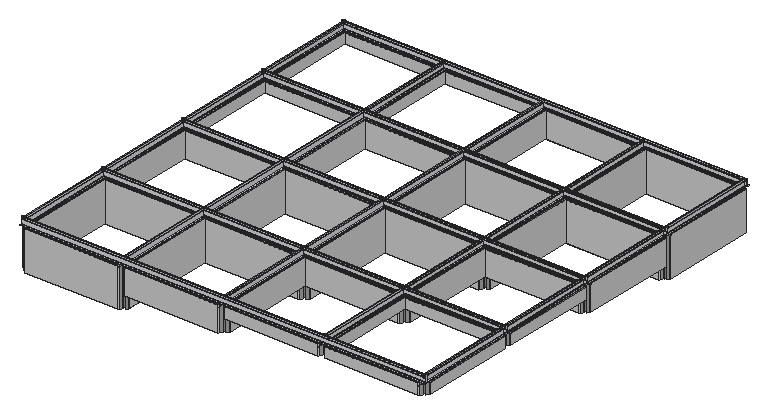
Revit family "GRD-SEC-001_SECTION GRID 001_RFA", category Modelos genéricos, Revit 2022 (continued)
Forms (in)
  Extrusion 50, solid, not visible
    sketch origin (0.02767, 82.90856, 0) x (1, 0, 0) y (0, 0, 1)
      loop
        arc (0.52252, 1.68677) -> (0.55303, 1.69941) -> (0.56566, 1.72991) r 0.04314
        line (0.56566, 1.72991) -> (0.56566, 2.14095)
        arc (0.56566, 2.14095) -> (0.5626, 2.15637) -> (0.55386, 2.16944) r 0.04029
        line (0.55386, 2.16944) -> (0.47053, 2.25277)
        arc (0.47053, 2.25277) -> (0.44027, 2.2653) -> (0.41002, 2.25277) r 0.04279
        line (0.41002, 2.25277) -> (0.32669, 2.16944)
        arc (0.32669, 2.16944) -> (0.31795, 2.15637) -> (0.31489, 2.14095) r 0.04029
        line (0.31489, 2.14095) -> (0.31489, 1.72991)
        arc (0.31489, 1.72991) -> (0.32752, 1.69941) -> (0.35803, 1.68677) r 0.04314
        line (0.35803, 1.68677) -> (0.39803, 1.68677)
        arc (0.39803, 1.68677) -> (0.41512, 1.67969) -> (0.42221, 1.66259) r 0.02418
      loop
        arc (0.33294, 1.7291) -> (0.34005, 1.71194) -> (0.35722, 1.70483) r 0.02428
        line (0.35722, 1.70483) -> (0.39815, 1.70483)
        arc (0.39815, 1.70483) -> (0.42797, 1.69248) -> (0.44023, 1.66266) r 0.04217
        arc (0.44023, 1.66266) -> (0.45258, 1.69248) -> (0.4824, 1.70483) r 0.04217
        line (0.4824, 1.70483) -> (0.52333, 1.70483)
        arc (0.52333, 1.70483) -> (0.54049, 1.71194) -> (0.54761, 1.7291) r 0.02428
        line (0.54761, 1.7291) -> (0.54761, 2.15016) -> (0.45704, 2.24072)
        arc (0.45704, 2.24072) -> (0.44027, 2.24767) -> (0.42351, 2.24072) r 0.02371
        line (0.42351, 2.24072) -> (0.33294, 2.15016) -> (0.33294, 1.7291)
    from 58.93614 to 81.99864
  Extrusion 51, solid
    sketch origin (0, 0, 0) x (1, 0, 0) y (0, 1, 0)
      loop
        line (0.70789, 0.47222) -> (1.18033, -0.00022) -> (23.76344, -0.00022) -> (24.23589, 0.47222) -> (0.70789, 0.47222)
      loop
        line (0.70789, 0.94433) -> (24.23589, 0.94433) -> (23.76344, 1.41677) -> (1.18033, 1.41677) -> (0.70789, 0.94433)
    from -8.98999 to 0.38001
  Extrusion 52, solid
    sketch origin (0.47244, -0.47244, 0) x (1, 0, 0) y (0, 1, 0)
      loop
        line (0.70789, 0.47222) -> (0.82789, 0.35222) -> (23.171, 0.35222) -> (23.291, 0.47222) -> (0.70789, 0.47222)
      loop
        line (0.70789, 1.88921) -> (23.291, 1.88921) -> (23.171, 2.00921) -> (0.82789, 2.00921) -> (0.70789, 1.88921)
    from -8.98999 to 0.38001
  Extrusion 53, solid
    sketch origin (0, 0, 0) x (1, 0, 0) y (0, 0, 1)
      loop
        line (0.70789, 0.38001) -> (1.68323, -0.61999) -> (3.48685, -0.61999) -> (3.48685, -4.61999) -> (4.48685, -4.61999) -> (4.48685, -0.61999) -> (20.50219, -0.61999) -> (20.50219, -4.61999) -> (21.46857, -4.61999) -> (21.46857, -0.61999) -> (23.27219, -0.61999) -> (24.23589, 0.38001) -> (0.70789, 0.38001)
    from -0.94466 to -0.47222
  Extrusion 54, solid, not visible
    sketch origin (0, 0, 0) x (1, 0, 0) y (0, 1, 0)
      loop
        line (0.70789, 0.47222) -> (1.18033, -0.00022) -> (23.76344, -0.00022) -> (24.23589, 0.47222) -> (0.70789, 0.47222)
      loop
        line (0.70789, 0.94433) -> (24.23589, 0.94433) -> (23.76344, 1.41677) -> (1.18033, 1.41677) -> (0.70789, 0.94433)
    from -8.98999 to 0.38001
  Extrusion 55, solid, not visible
    sketch origin (0.47244, -0.47244, 0) x (1, 0, 0) y (0, 1, 0)
      loop
        line (0.70789, 0.47222) -> (0.82789, 0.35222) -> (23.171, 0.35222) -> (23.291, 0.47222) -> (0.70789, 0.47222)
      loop
        line (0.70789, 1.88921) -> (23.291, 1.88921) -> (23.171, 2.00921) -> (0.82789, 2.00921) -> (0.70789, 1.88921)
    from -8.98999 to 0.38001
  Extrusion 56, solid, not visible
    sketch origin (0, 0, 0) x (1, 0, 0) y (0, 0, 1)
      loop
        line (0.70789, 0.38001) -> (1.68323, -0.61999) -> (3.48685, -0.61999) -> (3.48685, -4.61999) -> (4.48685, -4.61999) -> (4.48685, -0.61999) -> (20.50219, -0.61999) -> (20.50219, -4.61999) -> (21.46857, -4.61999) -> (21.46857, -0.61999) -> (23.27219, -0.61999) -> (24.23589, 0.38001) -> (0.70789, 0.38001)
    from -0.94466 to -0.47222
  Extrusion 57, solid
    sketch origin (0, 24.00011, 0) x (1, 0, 0) y (0, 1, 0)
      loop
        line (0.70789, 0.47222) -> (1.18033, -0.00022) -> (23.76344, -0.00022) -> (24.23589, 0.47222) -> (0.70789, 0.47222)
      loop
        line (0.70789, 0.94433) -> (24.23589, 0.94433) -> (23.76344, 1.41677) -> (1.18033, 1.41677) -> (0.70789, 0.94433)
    from -8.98999 to 0.38001
  Extrusion 58, solid
    sketch origin (0.47244, 23.52767, 0) x (1, 0, 0) y (0, 1, 0)
      loop
        line (0.70789, 0.47222) -> (0.82789, 0.35222) -> (23.171, 0.35222) -> (23.291, 0.47222) -> (0.70789, 0.47222)
      loop
        line (0.70789, 1.88921) -> (23.291, 1.88921) -> (23.171, 2.00921) -> (0.82789, 2.00921) -> (0.70789, 1.88921)
    from -8.98999 to 0.38001
  Extrusion 59, solid
    sketch origin (0, 24.00011, 0) x (1, 0, 0) y (0, 0, 1)
      loop
        line (0.70789, 0.38001) -> (1.68323, -0.61999) -> (3.48685, -0.61999) -> (3.48685, -4.61999) -> (4.48685, -4.61999) -> (4.48685, -0.61999) -> (20.50219, -0.61999) -> (20.50219, -4.61999) -> (21.46857, -4.61999) -> (21.46857, -0.61999) -> (23.27219, -0.61999) -> (24.23589, 0.38001) -> (0.70789, 0.38001)
    from -0.94466 to -0.47222
  Extrusion 60, solid
    sketch origin (-0.23644, 25.18022, 0) x (0, -1, 0) y (1, 0, 0)
      loop
        line (0.70789, 0.47222) -> (1.18033, -0.00022) -> (23.76344, -0.00022) -> (24.23589, 0.47222) -> (0.70789, 0.47222)
      loop
        line (0.70789, 0.94433) -> (24.23589, 0.94433) -> (23.76344, 1.41677) -> (1.18033, 1.41677) -> (0.70789, 0.94433)
    from -8.98999 to 0.38001
  Extrusion 61, solid
    sketch origin (-0.70889, 24.70778, 0) x (0, -1, 0) y (1, 0, 0)
      loop
        line (0.70789, 0.47222) -> (0.82789, 0.35222) -> (23.171, 0.35222) -> (23.291, 0.47222) -> (0.70789, 0.47222)
      loop
        line (0.70789, 1.88921) -> (23.291, 1.88921) -> (23.171, 2.00921) -> (0.82789, 2.00921) -> (0.70789, 1.88921)
    from -8.98999 to 0.38001
  Extrusion 62, solid
    sketch origin (-0.23644, 25.18022, 0) x (0, -1, 0) y (0, 0, 1)
      loop
        line (0.70789, 0.38001) -> (1.68323, -0.61999) -> (3.48685, -0.61999) -> (3.48685, -4.61999) -> (4.48685, -4.61999) -> (4.48685, -0.61999) -> (20.50219, -0.61999) -> (20.50219, -4.61999) -> (21.46857, -4.61999) -> (21.46857, -0.61999) -> (23.27219, -0.61999) -> (24.23589, 0.38001) -> (0.70789, 0.38001)
    from -0.94466 to -0.47222
  Extrusion 63, solid
    sketch origin (23.764, 25.18022, 0) x (0, -1, 0) y (1, 0, 0)
      loop
        line (0.70789, 0.47222) -> (1.18033, -0.00022) -> (23.76344, -0.00022) -> (24.23589, 0.47222) -> (0.70789, 0.47222)
      loop
        line (0.70789, 0.94433) -> (24.23589, 0.94433) -> (23.76344, 1.41677) -> (1.18033, 1.41677) -> (0.70789, 0.94433)
    from -8.98999 to 0.38001
  Extrusion 64, solid
    sketch origin (23.29156, 24.70778, 0) x (0, -1, 0) y (1, 0, 0)
      loop
        line (0.70789, 0.47222) -> (0.82789, 0.35222) -> (23.171, 0.35222) -> (23.291, 0.47222) -> (0.70789, 0.47222)
      loop
        line (0.70789, 1.88921) -> (23.291, 1.88921) -> (23.171, 2.00921) -> (0.82789, 2.00921) -> (0.70789, 1.88921)
    from -8.98999 to 0.38001
  Extrusion 65, solid
    sketch origin (23.764, 25.18022, 0) x (0, -1, 0) y (0, 0, 1)
      loop
        line (0.70789, 0.38001) -> (1.68323, -0.61999) -> (3.48685, -0.61999) -> (3.48685, -4.61999) -> (4.48685, -4.61999) -> (4.48685, -0.61999) -> (20.50219, -0.61999) -> (20.50219, -4.61999) -> (21.46857, -4.61999) -> (21.46857, -0.61999) -> (23.27219, -0.61999) -> (24.23589, 0.38001) -> (0.70789, 0.38001)
    from -0.94466 to -0.47222
  Extrusion 66, solid
    sketch origin (48.94421, 1.41655, 0) x (-1, 0, 0) y (0, -1, 0)
      loop
        line (0.70789, 0.47222) -> (1.18033, -0.00022) -> (23.76344, -0.00022) -> (24.23589, 0.47222) -> (0.70789, 0.47222)
      loop
        line (0.70789, 0.94433) -> (24.23589, 0.94433) -> (23.76344, 1.41677) -> (1.18033, 1.41677) -> (0.70789, 0.94433)
    from -5.61999 to 0.38001
  Extrusion 67, solid
    sketch origin (48.47177, 1.88899, 0) x (-1, 0, 0) y (0, -1, 0)
      loop
        line (0.70789, 0.47222) -> (0.82789, 0.35222) -> (23.171, 0.35222) -> (23.291, 0.47222) -> (0.70789, 0.47222)
      loop
        line (0.70789, 1.88921) -> (23.291, 1.88921) -> (23.171, 2.00921) -> (0.82789, 2.00921) -> (0.70789, 1.88921)
    from -5.61999 to 0.38001
  Extrusion 68, solid
    sketch origin (48.94421, 1.41655, 0) x (-1, 0, 0) y (0, 0, 1)
      loop
        line (0.70789, 0.38001) -> (1.68323, -0.61999) -> (3.48685, -0.61999) -> (3.48685, -4.61999) -> (4.48685, -4.61999) -> (4.48685, -0.61999) -> (20.50219, -0.61999) -> (20.50219, -4.61999) -> (21.46857, -4.61999) -> (21.46857, -0.61999) -> (23.27219, -0.61999) -> (24.23589, 0.38001) -> (0.70789, 0.38001)
    from -0.94466 to -0.47222
  Extrusion 69, solid, not visible
    sketch origin (0, 0, 0) x (1, 0, 0) y (0, 1, 0)
      loop
        line (0.70789, 0.47222) -> (1.18033, -0.00022) -> (23.76344, -0.00022) -> (24.23589, 0.47222) -> (0.70789, 0.47222)
      loop
        line (0.70789, 0.94433) -> (24.23589, 0.94433) -> (23.76344, 1.41677) -> (1.18033, 1.41677) -> (0.70789, 0.94433)
    from -8.98999 to 0.38001
  Extrusion 70, solid, not visible
    sketch origin (0.47244, -0.47244, 0) x (1, 0, 0) y (0, 1, 0)
      loop
        line (0.70789, 0.47222) -> (0.82789, 0.35222) -> (23.171, 0.35222) -> (23.291, 0.47222) -> (0.70789, 0.47222)
      loop
        line (0.70789, 1.88921) -> (23.291, 1.88921) -> (23.171, 2.00921) -> (0.82789, 2.00921) -> (0.70789, 1.88921)
    from -8.98999 to 0.38001
  Extrusion 71, solid, not visible
    sketch origin (0, 0, 0) x (1, 0, 0) y (0, 0, 1)
      loop
        line (0.70789, 0.38001) -> (1.68323, -0.61999) -> (3.48685, -0.61999) -> (3.48685, -4.61999) -> (4.48685, -4.61999) -> (4.48685, -0.61999) -> (20.50219, -0.61999) -> (20.50219, -4.61999) -> (21.46857, -4.61999) -> (21.46857, -0.61999) -> (23.27219, -0.61999) -> (24.23589, 0.38001) -> (0.70789, 0.38001)
    from -0.94466 to -0.47222
  Extrusion 72, solid, not visible
    sketch origin (0, 24.00011, 0) x (1, 0, 0) y (0, 1, 0)
      loop
        line (0.70789, 0.47222) -> (1.18033, -0.00022) -> (23.76344, -0.00022) -> (24.23589, 0.47222) -> (0.70789, 0.47222)
      loop
        line (0.70789, 0.94433) -> (24.23589, 0.94433) -> (23.76344, 1.41677) -> (1.18033, 1.41677) -> (0.70789, 0.94433)
    from -8.98999 to 0.38001
  Extrusion 73, solid, not visible
    sketch origin (0.47244, 23.52767, 0) x (1, 0, 0) y (0, 1, 0)
      loop
        line (0.70789, 0.47222) -> (0.82789, 0.35222) -> (23.171, 0.35222) -> (23.291, 0.47222) -> (0.70789, 0.47222)
      loop
        line (0.70789, 1.88921) -> (23.291, 1.88921) -> (23.171, 2.00921) -> (0.82789, 2.00921) -> (0.70789, 1.88921)
    from -8.98999 to 0.38001
  Extrusion 74, solid, not visible
    sketch origin (0, 24.00011, 0) x (1, 0, 0) y (0, 0, 1)
      loop
        line (0.70789, 0.38001) -> (1.68323, -0.61999) -> (3.48685, -0.61999) -> (3.48685, -4.61999) -> (4.48685, -4.61999) -> (4.48685, -0.61999) -> (20.50219, -0.61999) -> (20.50219, -4.61999) -> (21.46857, -4.61999) -> (21.46857, -0.61999) -> (23.27219, -0.61999) -> (24.23589, 0.38001) -> (0.70789, 0.38001)
    from -0.94466 to -0.47222
  Extrusion 75, solid, not visible
    sketch origin (-0.23644, 25.18022, 0) x (0, -1, 0) y (1, 0, 0)
      loop
        line (0.70789, 0.47222) -> (1.18033, -0.00022) -> (23.76344, -0.00022) -> (24.23589, 0.47222) -> (0.70789, 0.47222)
      loop
        line (0.70789, 0.94433) -> (24.23589, 0.94433) -> (23.76344, 1.41677) -> (1.18033, 1.41677) -> (0.70789, 0.94433)
    from -8.98999 to 0.38001
  Extrusion 76, solid, not visible
    sketch origin (-0.70889, 24.70778, 0) x (0, -1, 0) y (1, 0, 0)
      loop
        line (0.70789, 0.47222) -> (0.82789, 0.35222) -> (23.171, 0.35222) -> (23.291, 0.47222) -> (0.70789, 0.47222)
      loop
        line (0.70789, 1.88921) -> (23.291, 1.88921) -> (23.171, 2.00921) -> (0.82789, 2.00921) -> (0.70789, 1.88921)
    from -8.98999 to 0.38001
  Extrusion 77, solid, not visible
    sketch origin (-0.23644, 25.18022, 0) x (0, -1, 0) y (0, 0, 1)
      loop
        line (0.70789, 0.38001) -> (1.68323, -0.61999) -> (3.48685, -0.61999) -> (3.48685, -4.61999) -> (4.48685, -4.61999) -> (4.48685, -0.61999) -> (20.50219, -0.61999) -> (20.50219, -4.61999) -> (21.46857, -4.61999) -> (21.46857, -0.61999) -> (23.27219, -0.61999) -> (24.23589, 0.38001) -> (0.70789, 0.38001)
    from -0.94466 to -0.47222
  Extrusion 78, solid, not visible
    sketch origin (23.764, 25.18022, 0) x (0, -1, 0) y (1, 0, 0)
      loop
        line (0.70789, 0.47222) -> (1.18033, -0.00022) -> (23.76344, -0.00022) -> (24.23589, 0.47222) -> (0.70789, 0.47222)
      loop
        line (0.70789, 0.94433) -> (24.23589, 0.94433) -> (23.76344, 1.41677) -> (1.18033, 1.41677) -> (0.70789, 0.94433)
    from -8.98999 to 0.38001
  Extrusion 79, solid, not visible
    sketch origin (23.29156, 24.70778, 0) x (0, -1, 0) y (1, 0, 0)
      loop
        line (0.70789, 0.47222) -> (0.82789, 0.35222) -> (23.171, 0.35222) -> (23.291, 0.47222) -> (0.70789, 0.47222)
      loop
        line (0.70789, 1.88921) -> (23.291, 1.88921) -> (23.171, 2.00921) -> (0.82789, 2.00921) -> (0.70789, 1.88921)
    from -8.98999 to 0.38001
  Extrusion 80, solid, not visible
    sketch origin (23.764, 25.18022, 0) x (0, -1, 0) y (0, 0, 1)
      loop
        line (0.70789, 0.38001) -> (1.68323, -0.61999) -> (3.48685, -0.61999) -> (3.48685, -4.61999) -> (4.48685, -4.61999) -> (4.48685, -0.61999) -> (20.50219, -0.61999) -> (20.50219, -4.61999) -> (21.46857, -4.61999) -> (21.46857, -0.61999) -> (23.27219, -0.61999) -> (24.23589, 0.38001) -> (0.70789, 0.38001)
    from -0.94466 to -0.47222
  Extrusion 81, solid
    sketch origin (24.00028, 24.00028, 0) x (1, 0, 0) y (0, 1, 0)
      loop
        line (0.70789, 0.47222) -> (1.18033, -0.00022) -> (23.76344, -0.00022) -> (24.23589, 0.47222) -> (0.70789, 0.47222)
      loop
        line (0.70789, 0.94433) -> (24.23589, 0.94433) -> (23.76344, 1.41677) -> (1.18033, 1.41677) -> (0.70789, 0.94433)
    from -8.98999 to 0.38001
  Extrusion 82, solid
    sketch origin (24.47272, 23.52783, 0) x (1, 0, 0) y (0, 1, 0)
      loop
        line (0.70789, 0.47222) -> (0.82789, 0.35222) -> (23.171, 0.35222) -> (23.291, 0.47222) -> (0.70789, 0.47222)
      loop
        line (0.70789, 1.88921) -> (23.291, 1.88921) -> (23.171, 2.00921) -> (0.82789, 2.00921) -> (0.70789, 1.88921)
    from -8.98999 to 0.38001
  Extrusion 83, solid
    sketch origin (24.00028, 24.00028, 0) x (1, 0, 0) y (0, 0, 1)
      loop
        line (0.70789, 0.38001) -> (1.68323, -0.61999) -> (3.48685, -0.61999) -> (3.48685, -4.61999) -> (4.48685, -4.61999) -> (4.48685, -0.61999) -> (20.50219, -0.61999) -> (20.50219, -4.61999) -> (21.46857, -4.61999) -> (21.46857, -0.61999) -> (23.27219, -0.61999) -> (24.23589, 0.38001) -> (0.70789, 0.38001)
    from -0.94466 to -0.47222
  Extrusion 84, solid
    sketch origin (24.00028, 48.00039, 0) x (1, 0, 0) y (0, 1, 0)
      loop
        line (0.70789, 0.47222) -> (1.18033, -0.00022) -> (23.76344, -0.00022) -> (24.23589, 0.47222) -> (0.70789, 0.47222)
      loop
        line (0.70789, 0.94433) -> (24.23589, 0.94433) -> (23.76344, 1.41677) -> (1.18033, 1.41677) -> (0.70789, 0.94433)
    from -8.98999 to 0.38001
  Extrusion 85, solid
    sketch origin (24.47272, 47.52794, 0) x (1, 0, 0) y (0, 1, 0)
      loop
        line (0.70789, 0.47222) -> (0.82789, 0.35222) -> (23.171, 0.35222) -> (23.291, 0.47222) -> (0.70789, 0.47222)
      loop
        line (0.70789, 1.88921) -> (23.291, 1.88921) -> (23.171, 2.00921) -> (0.82789, 2.00921) -> (0.70789, 1.88921)
    from -8.98999 to 0.38001
  Extrusion 86, solid
    sketch origin (24.00028, 48.00039, 0) x (1, 0, 0) y (0, 0, 1)
      loop
        line (0.70789, 0.38001) -> (1.68323, -0.61999) -> (3.48685, -0.61999) -> (3.48685, -4.61999) -> (4.48685, -4.61999) -> (4.48685, -0.61999) -> (20.50219, -0.61999) -> (20.50219, -4.61999) -> (21.46857, -4.61999) -> (21.46857, -0.61999) -> (23.27219, -0.61999) -> (24.23589, 0.38001) -> (0.70789, 0.38001)
    from -0.94466 to -0.47222
  Extrusion 87, solid
    sketch origin (23.76383, 49.18049, 0) x (0, -1, 0) y (1, 0, 0)
      loop
        line (0.70789, 0.47222) -> (1.18033, -0.00022) -> (23.76344, -0.00022) -> (24.23589, 0.47222) -> (0.70789, 0.47222)
      loop
        line (0.70789, 0.94433) -> (24.23589, 0.94433) -> (23.76344, 1.41677) -> (1.18033, 1.41677) -> (0.70789, 0.94433)
    from -8.98999 to 0.38001
  Extrusion 88, solid
    sketch origin (23.29139, 48.70805, 0) x (0, -1, 0) y (1, 0, 0)
      loop
        line (0.70789, 0.47222) -> (0.82789, 0.35222) -> (23.171, 0.35222) -> (23.291, 0.47222) -> (0.70789, 0.47222)
      loop
        line (0.70789, 1.88921) -> (23.291, 1.88921) -> (23.171, 2.00921) -> (0.82789, 2.00921) -> (0.70789, 1.88921)
    from -8.98999 to 0.38001
  Extrusion 89, solid
    sketch origin (23.76383, 49.18049, 0) x (0, -1, 0) y (0, 0, 1)
      loop
        line (0.70789, 0.38001) -> (1.68323, -0.61999) -> (3.48685, -0.61999) -> (3.48685, -4.61999) -> (4.48685, -4.61999) -> (4.48685, -0.61999) -> (20.50219, -0.61999) -> (20.50219, -4.61999) -> (21.46857, -4.61999) -> (21.46857, -0.61999) -> (23.27219, -0.61999) -> (24.23589, 0.38001) -> (0.70789, 0.38001)
    from -0.94466 to -0.47222
  Extrusion 90, solid
    sketch origin (47.76427, 49.18049, 0) x (0, -1, 0) y (1, 0, 0)
      loop
        line (0.70789, 0.47222) -> (1.18033, -0.00022) -> (23.76344, -0.00022) -> (24.23589, 0.47222) -> (0.70789, 0.47222)
      loop
        line (0.70789, 0.94433) -> (24.23589, 0.94433) -> (23.76344, 1.41677) -> (1.18033, 1.41677) -> (0.70789, 0.94433)
    from -8.98999 to 0.38001
  Extrusion 91, solid
    sketch origin (47.29183, 48.70805, 0) x (0, -1, 0) y (1, 0, 0)
      loop
        line (0.70789, 0.47222) -> (0.82789, 0.35222) -> (23.171, 0.35222) -> (23.291, 0.47222) -> (0.70789, 0.47222)
      loop
        line (0.70789, 1.88921) -> (23.291, 1.88921) -> (23.171, 2.00921) -> (0.82789, 2.00921) -> (0.70789, 1.88921)
    from -8.98999 to 0.38001
  Extrusion 92, solid
    sketch origin (47.76427, 49.18049, 0) x (0, -1, 0) y (0, 0, 1)
      loop
        line (0.70789, 0.38001) -> (1.68323, -0.61999) -> (3.48685, -0.61999) -> (3.48685, -4.61999) -> (4.48685, -4.61999) -> (4.48685, -0.61999) -> (20.50219, -0.61999) -> (20.50219, -4.61999) -> (21.46857, -4.61999) -> (21.46857, -0.61999) -> (23.27219, -0.61999) -> (24.23589, 0.38001) -> (0.70789, 0.38001)
    from -0.94466 to -0.47222
  Extrusion 93, solid
    sketch origin (48.00055, 48.00055, 0) x (1, 0, 0) y (0, 1, 0)
      loop
        line (0.70789, 0.47222) -> (1.18033, -0.00022) -> (23.76344, -0.00022) -> (24.23589, 0.47222) -> (0.70789, 0.47222)
      loop
        line (0.70789, 0.94433) -> (24.23589, 0.94433) -> (23.76344, 1.41677) -> (1.18033, 1.41677) -> (0.70789, 0.94433)
    from -8.98999 to 0.38001
  Extrusion 94, solid
    sketch origin (48.47299, 47.52811, 0) x (1, 0, 0) y (0, 1, 0)
      loop
        line (0.70789, 0.47222) -> (0.82789, 0.35222) -> (23.171, 0.35222) -> (23.291, 0.47222) -> (0.70789, 0.47222)
      loop
        line (0.70789, 1.88921) -> (23.291, 1.88921) -> (23.171, 2.00921) -> (0.82789, 2.00921) -> (0.70789, 1.88921)
    from -8.98999 to 0.38001
  Extrusion 95, solid
    sketch origin (48.00055, 48.00055, 0) x (1, 0, 0) y (0, 0, 1)
      loop
        line (0.70789, 0.38001) -> (1.68323, -0.61999) -> (3.48685, -0.61999) -> (3.48685, -4.61999) -> (4.48685, -4.61999) -> (4.48685, -0.61999) -> (20.50219, -0.61999) -> (20.50219, -4.61999) -> (21.46857, -4.61999) -> (21.46857, -0.61999) -> (23.27219, -0.61999) -> (24.23589, 0.38001) -> (0.70789, 0.38001)
    from -0.94466 to -0.47222
  Extrusion 96, solid
    sketch origin (48.00055, 72.00066, 0) x (1, 0, 0) y (0, 1, 0)
      loop
        line (0.70789, 0.47222) -> (1.18033, -0.00022) -> (23.76344, -0.00022) -> (24.23589, 0.47222) -> (0.70789, 0.47222)
      loop
        line (0.70789, 0.94433) -> (24.23589, 0.94433) -> (23.76344, 1.41677) -> (1.18033, 1.41677) -> (0.70789, 0.94433)
    from -8.98999 to 0.38001
  Extrusion 97, solid
    sketch origin (48.47299, 71.52822, 0) x (1, 0, 0) y (0, 1, 0)
      loop
        line (0.70789, 0.47222) -> (0.82789, 0.35222) -> (23.171, 0.35222) -> (23.291, 0.47222) -> (0.70789, 0.47222)
      loop
        line (0.70789, 1.88921) -> (23.291, 1.88921) -> (23.171, 2.00921) -> (0.82789, 2.00921) -> (0.70789, 1.88921)
    from -8.98999 to 0.38001
  Extrusion 98, solid
    sketch origin (48.00055, 72.00066, 0) x (1, 0, 0) y (0, 0, 1)
      loop
        line (0.70789, 0.38001) -> (1.68323, -0.61999) -> (3.48685, -0.61999) -> (3.48685, -4.61999) -> (4.48685, -4.61999) -> (4.48685, -0.61999) -> (20.50219, -0.61999) -> (20.50219, -4.61999) -> (21.46857, -4.61999) -> (21.46857, -0.61999) -> (23.27219, -0.61999) -> (24.23589, 0.38001) -> (0.70789, 0.38001)
    from -0.94466 to -0.47222
  Extrusion 99, solid
    sketch origin (47.76411, 73.18077, 0) x (0, -1, 0) y (1, 0, 0)
      loop
        line (0.70789, 0.47222) -> (1.18033, -0.00022) -> (23.76344, -0.00022) -> (24.23589, 0.47222) -> (0.70789, 0.47222)
      loop
        line (0.70789, 0.94433) -> (24.23589, 0.94433) -> (23.76344, 1.41677) -> (1.18033, 1.41677) -> (0.70789, 0.94433)
    from -8.98999 to 0.38001
  Extrusion 100, solid
    sketch origin (47.29167, 72.70833, 0) x (0, -1, 0) y (1, 0, 0)
      loop
        line (0.70789, 0.47222) -> (0.82789, 0.35222) -> (23.171, 0.35222) -> (23.291, 0.47222) -> (0.70789, 0.47222)
      loop
        line (0.70789, 1.88921) -> (23.291, 1.88921) -> (23.171, 2.00921) -> (0.82789, 2.00921) -> (0.70789, 1.88921)
    from -8.98999 to 0.38001
  Extrusion 101, solid
    sketch origin (47.76411, 73.18077, 0) x (0, -1, 0) y (0, 0, 1)
      loop
        line (0.70789, 0.38001) -> (1.68323, -0.61999) -> (3.48685, -0.61999) -> (3.48685, -4.61999) -> (4.48685, -4.61999) -> (4.48685, -0.61999) -> (20.50219, -0.61999) -> (20.50219, -4.61999) -> (21.46857, -4.61999) -> (21.46857, -0.61999) -> (23.27219, -0.61999) -> (24.23589, 0.38001) -> (0.70789, 0.38001)
    from -0.94466 to -0.47222
  Extrusion 102, solid
    sketch origin (71.76455, 73.18077, 0) x (0, -1, 0) y (1, 0, 0)
      loop
        line (0.70789, 0.47222) -> (1.18033, -0.00022) -> (23.76344, -0.00022) -> (24.23589, 0.47222) -> (0.70789, 0.47222)
      loop
        line (0.70789, 0.94433) -> (24.23589, 0.94433) -> (23.76344, 1.41677) -> (1.18033, 1.41677) -> (0.70789, 0.94433)
    from -8.98999 to 0.38001
  Extrusion 103, solid
    sketch origin (71.29211, 72.70833, 0) x (0, -1, 0) y (1, 0, 0)
      loop
        line (0.70789, 0.47222) -> (0.82789, 0.35222) -> (23.171, 0.35222) -> (23.291, 0.47222) -> (0.70789, 0.47222)
      loop
        line (0.70789, 1.88921) -> (23.291, 1.88921) -> (23.171, 2.00921) -> (0.82789, 2.00921) -> (0.70789, 1.88921)
    from -8.98999 to 0.38001
  Extrusion 104, solid
    sketch origin (71.76455, 73.18077, 0) x (0, -1, 0) y (0, 0, 1)
      loop
        line (0.70789, 0.38001) -> (1.68323, -0.61999) -> (3.48685, -0.61999) -> (3.48685, -4.61999) -> (4.48685, -4.61999) -> (4.48685, -0.61999) -> (20.50219, -0.61999) -> (20.50219, -4.61999) -> (21.46857, -4.61999) -> (21.46857, -0.61999) -> (23.27219, -0.61999) -> (24.23589, 0.38001) -> (0.70789, 0.38001)
    from -0.94466 to -0.47222
  Extrusion 105, solid
    sketch origin (72.00083, 72.00083, 0) x (1, 0, 0) y (0, 1, 0)
      loop
        line (0.70789, 0.47222) -> (1.18033, -0.00022) -> (23.76344, -0.00022) -> (24.23589, 0.47222) -> (0.70789, 0.47222)
      loop
        line (0.70789, 0.94433) -> (24.23589, 0.94433) -> (23.76344, 1.41677) -> (1.18033, 1.41677) -> (0.70789, 0.94433)
    from -8.98999 to 0.38001
  Extrusion 106, solid
    sketch origin (72.47327, 71.52839, 0) x (1, 0, 0) y (0, 1, 0)
      loop
        line (0.70789, 0.47222) -> (0.82789, 0.35222) -> (23.171, 0.35222) -> (23.291, 0.47222) -> (0.70789, 0.47222)
      loop
        line (0.70789, 1.88921) -> (23.291, 1.88921) -> (23.171, 2.00921) -> (0.82789, 2.00921) -> (0.70789, 1.88921)
    from -8.98999 to 0.38001
  Extrusion 107, solid
    sketch origin (72.00083, 72.00083, 0) x (1, 0, 0) y (0, 0, 1)
      loop
        line (0.70789, 0.38001) -> (1.68323, -0.61999) -> (3.48685, -0.61999) -> (3.48685, -4.61999) -> (4.48685, -4.61999) -> (4.48685, -0.61999) -> (20.50219, -0.61999) -> (20.50219, -4.61999) -> (21.46857, -4.61999) -> (21.46857, -0.61999) -> (23.27219, -0.61999) -> (24.23589, 0.38001) -> (0.70789, 0.38001)
    from -0.94466 to -0.47222
  Extrusion 108, solid
    sketch origin (72.00083, 96.00094, 0) x (1, 0, 0) y (0, 1, 0)
      loop
        line (0.70789, 0.47222) -> (1.18033, -0.00022) -> (23.76344, -0.00022) -> (24.23589, 0.47222) -> (0.70789, 0.47222)
      loop
        line (0.70789, 0.94433) -> (24.23589, 0.94433) -> (23.76344, 1.41677) -> (1.18033, 1.41677) -> (0.70789, 0.94433)
    from -8.98999 to 0.38001
  Extrusion 109, solid
    sketch origin (72.47327, 95.5285, 0) x (1, 0, 0) y (0, 1, 0)
      loop
        line (0.70789, 0.47222) -> (0.82789, 0.35222) -> (23.171, 0.35222) -> (23.291, 0.47222) -> (0.70789, 0.47222)
      loop
        line (0.70789, 1.88921) -> (23.291, 1.88921) -> (23.171, 2.00921) -> (0.82789, 2.00921) -> (0.70789, 1.88921)
    from -8.98999 to 0.38001
  Extrusion 110, solid
    sketch origin (72.00083, 96.00094, 0) x (1, 0, 0) y (0, 0, 1)
      loop
        line (0.70789, 0.38001) -> (1.68323, -0.61999) -> (3.48685, -0.61999) -> (3.48685, -4.61999) -> (4.48685, -4.61999) -> (4.48685, -0.61999) -> (20.50219, -0.61999) -> (20.50219, -4.61999) -> (21.46857, -4.61999) -> (21.46857, -0.61999) -> (23.27219, -0.61999) -> (24.23589, 0.38001) -> (0.70789, 0.38001)
    from -0.94466 to -0.47222
  Extrusion 111, solid
    sketch origin (71.76438, 97.18104, 0) x (0, -1, 0) y (1, 0, 0)
      loop
        line (0.70789, 0.47222) -> (1.18033, -0.00022) -> (23.76344, -0.00022) -> (24.23589, 0.47222) -> (0.70789, 0.47222)
      loop
        line (0.70789, 0.94433) -> (24.23589, 0.94433) -> (23.76344, 1.41677) -> (1.18033, 1.41677) -> (0.70789, 0.94433)
    from -8.98999 to 0.38001
  Extrusion 112, solid
    sketch origin (71.29194, 96.7086, 0) x (0, -1, 0) y (1, 0, 0)
      loop
        line (0.70789, 0.47222) -> (0.82789, 0.35222) -> (23.171, 0.35222) -> (23.291, 0.47222) -> (0.70789, 0.47222)
      loop
        line (0.70789, 1.88921) -> (23.291, 1.88921) -> (23.171, 2.00921) -> (0.82789, 2.00921) -> (0.70789, 1.88921)
    from -8.98999 to 0.38001
  Extrusion 113, solid
    sketch origin (71.76438, 97.18104, 0) x (0, -1, 0) y (0, 0, 1)
      loop
        line (0.70789, 0.38001) -> (1.68323, -0.61999) -> (3.48685, -0.61999) -> (3.48685, -4.61999) -> (4.48685, -4.61999) -> (4.48685, -0.61999) -> (20.50219, -0.61999) -> (20.50219, -4.61999) -> (21.46857, -4.61999) -> (21.46857, -0.61999) -> (23.27219, -0.61999) -> (24.23589, 0.38001) -> (0.70789, 0.38001)
    from -0.94466 to -0.47222
  Extrusion 114, solid
    sketch origin (95.76482, 97.18104, 0) x (0, -1, 0) y (1, 0, 0)
      loop
        line (0.70789, 0.47222) -> (1.18033, -0.00022) -> (23.76344, -0.00022) -> (24.23589, 0.47222) -> (0.70789, 0.47222)
      loop
        line (0.70789, 0.94433) -> (24.23589, 0.94433) -> (23.76344, 1.41677) -> (1.18033, 1.41677) -> (0.70789, 0.94433)
    from -8.98999 to 0.38001
  Extrusion 115, solid
    sketch origin (95.29238, 96.7086, 0) x (0, -1, 0) y (1, 0, 0)
      loop
        line (0.70789, 0.47222) -> (0.82789, 0.35222) -> (23.171, 0.35222) -> (23.291, 0.47222) -> (0.70789, 0.47222)
      loop
        line (0.70789, 1.88921) -> (23.291, 1.88921) -> (23.171, 2.00921) -> (0.82789, 2.00921) -> (0.70789, 1.88921)
    from -8.98999 to 0.38001
  Extrusion 116, solid
    sketch origin (95.76482, 97.18104, 0) x (0, -1, 0) y (0, 0, 1)
      loop
        line (0.70789, 0.38001) -> (1.68323, -0.61999) -> (3.48685, -0.61999) -> (3.48685, -4.61999) -> (4.48685, -4.61999) -> (4.48685, -0.61999) -> (20.50219, -0.61999) -> (20.50219, -4.61999) -> (21.46857, -4.61999) -> (21.46857, -0.61999) -> (23.27219, -0.61999) -> (24.23589, 0.38001) -> (0.70789, 0.38001)
    from -0.94466 to -0.47222
  Extrusion 117, solid, not visible
    sketch origin (48.94421, 1.41655, 0) x (-1, 0, 0) y (0, -1, 0)
      loop
        line (0.70789, 0.47222) -> (1.18033, -0.00022) -> (23.76344, -0.00022) -> (24.23589, 0.47222) -> (0.70789, 0.47222)
      loop
        line (0.70789, 0.94433) -> (24.23589, 0.94433) -> (23.76344, 1.41677) -> (1.18033, 1.41677) -> (0.70789, 0.94433)
    from -5.61999 to 0.38001
  Extrusion 118, solid, not visible
    sketch origin (48.47177, 1.88899, 0) x (-1, 0, 0) y (0, -1, 0)
      loop
        line (0.70789, 0.47222) -> (0.82789, 0.35222) -> (23.171, 0.35222) -> (23.291, 0.47222) -> (0.70789, 0.47222)
      loop
        line (0.70789, 1.88921) -> (23.291, 1.88921) -> (23.171, 2.00921) -> (0.82789, 2.00921) -> (0.70789, 1.88921)
    from -5.61999 to 0.38001
  Extrusion 119, solid, not visible
    sketch origin (48.94421, 1.41655, 0) x (-1, 0, 0) y (0, 0, 1)
      loop
        line (0.70789, 0.38001) -> (1.68323, -0.61999) -> (3.48685, -0.61999) -> (3.48685, -4.61999) -> (4.48685, -4.61999) -> (4.48685, -0.61999) -> (20.50219, -0.61999) -> (20.50219, -4.61999) -> (21.46857, -4.61999) -> (21.46857, -0.61999) -> (23.27219, -0.61999) -> (24.23589, 0.38001) -> (0.70789, 0.38001)
    from -0.94466 to -0.47222
  Extrusion 120, solid
    sketch origin (47.76411, 25.18022, 0) x (0, -1, 0) y (1, 0, 0)
      loop
        line (0.70789, 0.47222) -> (1.18033, -0.00022) -> (23.76344, -0.00022) -> (24.23589, 0.47222) -> (0.70789, 0.47222)
      loop
        line (0.70789, 0.94433) -> (24.23589, 0.94433) -> (23.76344, 1.41677) -> (1.18033, 1.41677) -> (0.70789, 0.94433)
    from -5.61999 to 0.38001
  Extrusion 121, solid
    sketch origin (47.29167, 24.70778, 0) x (0, -1, 0) y (1, 0, 0)
      loop
        line (0.70789, 0.47222) -> (0.82789, 0.35222) -> (23.171, 0.35222) -> (23.291, 0.47222) -> (0.70789, 0.47222)
      loop
        line (0.70789, 1.88921) -> (23.291, 1.88921) -> (23.171, 2.00921) -> (0.82789, 2.00921) -> (0.70789, 1.88921)
    from -5.61999 to 0.38001
  Extrusion 122, solid
    sketch origin (47.76411, 25.18022, 0) x (0, -1, 0) y (0, 0, 1)
      loop
        line (0.70789, 0.38001) -> (1.68323, -0.61999) -> (3.48685, -0.61999) -> (3.48685, -4.61999) -> (4.48685, -4.61999) -> (4.48685, -0.61999) -> (20.50219, -0.61999) -> (20.50219, -4.61999) -> (21.46857, -4.61999) -> (21.46857, -0.61999) -> (23.27219, -0.61999) -> (24.23589, 0.38001) -> (0.70789, 0.38001)
    from -0.94466 to -0.47222
  Extrusion 123, solid
    sketch origin (-0.23678, 49.18077, 0) x (0, -1, 0) y (1, 0, 0)
      loop
        line (0.70789, 0.47222) -> (1.18033, -0.00022) -> (23.76344, -0.00022) -> (24.23589, 0.47222) -> (0.70789, 0.47222)
      loop
        line (0.70789, 0.94433) -> (24.23589, 0.94433) -> (23.76344, 1.41677) -> (1.18033, 1.41677) -> (0.70789, 0.94433)
    from -5.61999 to 0.38001
  Extrusion 124, solid
    sketch origin (-0.70922, 48.70833, 0) x (0, -1, 0) y (1, 0, 0)
      loop
        line (0.70789, 0.47222) -> (0.82789, 0.35222) -> (23.171, 0.35222) -> (23.291, 0.47222) -> (0.70789, 0.47222)
      loop
        line (0.70789, 1.88921) -> (23.291, 1.88921) -> (23.171, 2.00921) -> (0.82789, 2.00921) -> (0.70789, 1.88921)
    from -5.61999 to 0.38001
  Extrusion 125, solid
    sketch origin (-0.23678, 49.18077, 0) x (0, -1, 0) y (0, 0, 1)
      loop
        line (0.70789, 0.38001) -> (1.68323, -0.61999) -> (3.48685, -0.61999) -> (3.48685, -4.61999) -> (4.48685, -4.61999) -> (4.48685, -0.61999) -> (20.50219, -0.61999) -> (20.50219, -4.61999) -> (21.46857, -4.61999) -> (21.46857, -0.61999) -> (23.27219, -0.61999) -> (24.23589, 0.38001) -> (0.70789, 0.38001)
    from -0.94466 to -0.47222
  Extrusion 126, solid
    sketch origin (24.94344, 49.41721, 0) x (-1, 0, 0) y (0, -1, 0)
      loop
        line (0.70789, 0.47222) -> (1.18033, -0.00022) -> (23.76344, -0.00022) -> (24.23589, 0.47222) -> (0.70789, 0.47222)
      loop
        line (0.70789, 0.94433) -> (24.23589, 0.94433) -> (23.76344, 1.41677) -> (1.18033, 1.41677) -> (0.70789, 0.94433)
    from -5.61999 to 0.38001
  Extrusion 127, solid
    sketch origin (24.471, 49.88965, 0) x (-1, 0, 0) y (0, -1, 0)
      loop
        line (0.70789, 0.47222) -> (0.82789, 0.35222) -> (23.171, 0.35222) -> (23.291, 0.47222) -> (0.70789, 0.47222)
      loop
        line (0.70789, 1.88921) -> (23.291, 1.88921) -> (23.171, 2.00921) -> (0.82789, 2.00921) -> (0.70789, 1.88921)
    from -5.61999 to 0.38001
  Extrusion 128, solid
    sketch origin (24.94344, 49.41721, 0) x (-1, 0, 0) y (0, 0, 1)
      loop
        line (0.70789, 0.38001) -> (1.68323, -0.61999) -> (3.48685, -0.61999) -> (3.48685, -4.61999) -> (4.48685, -4.61999) -> (4.48685, -0.61999) -> (20.50219, -0.61999) -> (20.50219, -4.61999) -> (21.46857, -4.61999) -> (21.46857, -0.61999) -> (23.27219, -0.61999) -> (24.23589, 0.38001) -> (0.70789, 0.38001)
    from -0.94466 to -0.47222
  Extrusion 129, solid
    sketch origin (23.76333, 73.18088, 0) x (0, -1, 0) y (1, 0, 0)
      loop
        line (0.70789, 0.47222) -> (1.18033, -0.00022) -> (23.76344, -0.00022) -> (24.23589, 0.47222) -> (0.70789, 0.47222)
      loop
        line (0.70789, 0.94433) -> (24.23589, 0.94433) -> (23.76344, 1.41677) -> (1.18033, 1.41677) -> (0.70789, 0.94433)
    from -5.61999 to 0.38001
  Extrusion 130, solid
    sketch origin (23.29089, 72.70844, 0) x (0, -1, 0) y (1, 0, 0)
      loop
        line (0.70789, 0.47222) -> (0.82789, 0.35222) -> (23.171, 0.35222) -> (23.291, 0.47222) -> (0.70789, 0.47222)
      loop
        line (0.70789, 1.88921) -> (23.291, 1.88921) -> (23.171, 2.00921) -> (0.82789, 2.00921) -> (0.70789, 1.88921)
    from -5.61999 to 0.38001
  Extrusion 131, solid
    sketch origin (23.76333, 73.18088, 0) x (0, -1, 0) y (0, 0, 1)
      loop
        line (0.70789, 0.38001) -> (1.68323, -0.61999) -> (3.48685, -0.61999) -> (3.48685, -4.61999) -> (4.48685, -4.61999) -> (4.48685, -0.61999) -> (20.50219, -0.61999) -> (20.50219, -4.61999) -> (21.46857, -4.61999) -> (21.46857, -0.61999) -> (23.27219, -0.61999) -> (24.23589, 0.38001) -> (0.70789, 0.38001)
    from -0.94466 to -0.47222
  Extrusion 132, solid
    sketch origin (48.94355, 73.41732, 0) x (-1, 0, 0) y (0, -1, 0)
      loop
        line (0.70789, 0.47222) -> (1.18033, -0.00022) -> (23.76344, -0.00022) -> (24.23589, 0.47222) -> (0.70789, 0.47222)
      loop
        line (0.70789, 0.94433) -> (24.23589, 0.94433) -> (23.76344, 1.41677) -> (1.18033, 1.41677) -> (0.70789, 0.94433)
    from -5.61999 to 0.38001
  Extrusion 133, solid
    sketch origin (48.47111, 73.88976, 0) x (-1, 0, 0) y (0, -1, 0)
      loop
        line (0.70789, 0.47222) -> (0.82789, 0.35222) -> (23.171, 0.35222) -> (23.291, 0.47222) -> (0.70789, 0.47222)
      loop
        line (0.70789, 1.88921) -> (23.291, 1.88921) -> (23.171, 2.00921) -> (0.82789, 2.00921) -> (0.70789, 1.88921)
    from -5.61999 to 0.38001
  Extrusion 134, solid
    sketch origin (48.94355, 73.41732, 0) x (-1, 0, 0) y (0, 0, 1)
      loop
        line (0.70789, 0.38001) -> (1.68323, -0.61999) -> (3.48685, -0.61999) -> (3.48685, -4.61999) -> (4.48685, -4.61999) -> (4.48685, -0.61999) -> (20.50219, -0.61999) -> (20.50219, -4.61999) -> (21.46857, -4.61999) -> (21.46857, -0.61999) -> (23.27219, -0.61999) -> (24.23589, 0.38001) -> (0.70789, 0.38001)
    from -0.94466 to -0.47222
  Extrusion 135, solid
    sketch origin (47.76361, 97.18115, 0) x (0, -1, 0) y (1, 0, 0)
      loop
        line (0.70789, 0.47222) -> (1.18033, -0.00022) -> (23.76344, -0.00022) -> (24.23589, 0.47222) -> (0.70789, 0.47222)
      loop
        line (0.70789, 0.94433) -> (24.23589, 0.94433) -> (23.76344, 1.41677) -> (1.18033, 1.41677) -> (0.70789, 0.94433)
    from -5.61999 to 0.38001
  Extrusion 136, solid
    sketch origin (47.29117, 96.70871, 0) x (0, -1, 0) y (1, 0, 0)
      loop
        line (0.70789, 0.47222) -> (0.82789, 0.35222) -> (23.171, 0.35222) -> (23.291, 0.47222) -> (0.70789, 0.47222)
      loop
        line (0.70789, 1.88921) -> (23.291, 1.88921) -> (23.171, 2.00921) -> (0.82789, 2.00921) -> (0.70789, 1.88921)
    from -5.61999 to 0.38001
  Extrusion 137, solid
    sketch origin (47.76361, 97.18115, 0) x (0, -1, 0) y (0, 0, 1)
      loop
        line (0.70789, 0.38001) -> (1.68323, -0.61999) -> (3.48685, -0.61999) -> (3.48685, -4.61999) -> (4.48685, -4.61999) -> (4.48685, -0.61999) -> (20.50219, -0.61999) -> (20.50219, -4.61999) -> (21.46857, -4.61999) -> (21.46857, -0.61999) -> (23.27219, -0.61999) -> (24.23589, 0.38001) -> (0.70789, 0.38001)
    from -0.94466 to -0.47222
  Extrusion 138, solid
    sketch origin (72.94383, 97.4176, 0) x (-1, 0, 0) y (0, -1, 0)
      loop
        line (0.70789, 0.47222) -> (1.18033, -0.00022) -> (23.76344, -0.00022) -> (24.23589, 0.47222) -> (0.70789, 0.47222)
      loop
        line (0.70789, 0.94433) -> (24.23589, 0.94433) -> (23.76344, 1.41677) -> (1.18033, 1.41677) -> (0.70789, 0.94433)
    from -5.61999 to 0.38001
  Extrusion 139, solid
    sketch origin (72.47139, 97.89004, 0) x (-1, 0, 0) y (0, -1, 0)
      loop
        line (0.70789, 0.47222) -> (0.82789, 0.35222) -> (23.171, 0.35222) -> (23.291, 0.47222) -> (0.70789, 0.47222)
      loop
        line (0.70789, 1.88921) -> (23.291, 1.88921) -> (23.171, 2.00921) -> (0.82789, 2.00921) -> (0.70789, 1.88921)
    from -5.61999 to 0.38001
  Extrusion 140, solid
    sketch origin (72.94383, 97.4176, 0) x (-1, 0, 0) y (0, 0, 1)
      loop
        line (0.70789, 0.38001) -> (1.68323, -0.61999) -> (3.48685, -0.61999) -> (3.48685, -4.61999) -> (4.48685, -4.61999) -> (4.48685, -0.61999) -> (20.50219, -0.61999) -> (20.50219, -4.61999) -> (21.46857, -4.61999) -> (21.46857, -0.61999) -> (23.27219, -0.61999) -> (24.23589, 0.38001) -> (0.70789, 0.38001)
    from -0.94466 to -0.47222
  Extrusion 141, solid
    sketch origin (72.94432, 25.41666, 0) x (-1, 0, 0) y (0, -1, 0)
      loop
        line (0.70789, 0.47222) -> (1.18033, -0.00022) -> (23.76344, -0.00022) -> (24.23589, 0.47222) -> (0.70789, 0.47222)
      loop
        line (0.70789, 0.94433) -> (24.23589, 0.94433) -> (23.76344, 1.41677) -> (1.18033, 1.41677) -> (0.70789, 0.94433)
    from -5.61999 to 0.38001
  Extrusion 142, solid
    sketch origin (72.47188, 25.8891, 0) x (-1, 0, 0) y (0, -1, 0)
      loop
        line (0.70789, 0.47222) -> (0.82789, 0.35222) -> (23.171, 0.35222) -> (23.291, 0.47222) -> (0.70789, 0.47222)
      loop
        line (0.70789, 1.88921) -> (23.291, 1.88921) -> (23.171, 2.00921) -> (0.82789, 2.00921) -> (0.70789, 1.88921)
    from -5.61999 to 0.38001
  Extrusion 143, solid
    sketch origin (72.94432, 25.41666, 0) x (-1, 0, 0) y (0, 0, 1)
      loop
        line (0.70789, 0.38001) -> (1.68323, -0.61999) -> (3.48685, -0.61999) -> (3.48685, -4.61999) -> (4.48685, -4.61999) -> (4.48685, -0.61999) -> (20.50219, -0.61999) -> (20.50219, -4.61999) -> (21.46857, -4.61999) -> (21.46857, -0.61999) -> (23.27219, -0.61999) -> (24.23589, 0.38001) -> (0.70789, 0.38001)
    from -0.94466 to -0.47222
  Extrusion 144, solid
    sketch origin (71.76422, 49.18033, 0) x (0, -1, 0) y (1, 0, 0)
      loop
        line (0.70789, 0.47222) -> (1.18033, -0.00022) -> (23.76344, -0.00022) -> (24.23589, 0.47222) -> (0.70789, 0.47222)
      loop
        line (0.70789, 0.94433) -> (24.23589, 0.94433) -> (23.76344, 1.41677) -> (1.18033, 1.41677) -> (0.70789, 0.94433)
    from -5.61999 to 0.38001
  Extrusion 145, solid
    sketch origin (71.29178, 48.70789, 0) x (0, -1, 0) y (1, 0, 0)
      loop
        line (0.70789, 0.47222) -> (0.82789, 0.35222) -> (23.171, 0.35222) -> (23.291, 0.47222) -> (0.70789, 0.47222)
      loop
        line (0.70789, 1.88921) -> (23.291, 1.88921) -> (23.171, 2.00921) -> (0.82789, 2.00921) -> (0.70789, 1.88921)
    from -5.61999 to 0.38001
  Extrusion 146, solid
    sketch origin (71.76422, 49.18033, 0) x (0, -1, 0) y (0, 0, 1)
      loop
        line (0.70789, 0.38001) -> (1.68323, -0.61999) -> (3.48685, -0.61999) -> (3.48685, -4.61999) -> (4.48685, -4.61999) -> (4.48685, -0.61999) -> (20.50219, -0.61999) -> (20.50219, -4.61999) -> (21.46857, -4.61999) -> (21.46857, -0.61999) -> (23.27219, -0.61999) -> (24.23589, 0.38001) -> (0.70789, 0.38001)
    from -0.94466 to -0.47222
  Extrusion 147, solid
    sketch origin (96.94476, 49.4171, 0) x (-1, 0, 0) y (0, -1, 0)
      loop
        line (0.70789, 0.47222) -> (1.18033, -0.00022) -> (23.76344, -0.00022) -> (24.23589, 0.47222) -> (0.70789, 0.47222)
      loop
        line (0.70789, 0.94433) -> (24.23589, 0.94433) -> (23.76344, 1.41677) -> (1.18033, 1.41677) -> (0.70789, 0.94433)
    from -5.61999 to 0.38001
  Extrusion 148, solid
    sketch origin (96.47232, 49.88954, 0) x (-1, 0, 0) y (0, -1, 0)
      loop
        line (0.70789, 0.47222) -> (0.82789, 0.35222) -> (23.171, 0.35222) -> (23.291, 0.47222) -> (0.70789, 0.47222)
      loop
        line (0.70789, 1.88921) -> (23.291, 1.88921) -> (23.171, 2.00921) -> (0.82789, 2.00921) -> (0.70789, 1.88921)
    from -5.61999 to 0.38001
  Extrusion 149, solid
    sketch origin (96.94476, 49.4171, 0) x (-1, 0, 0) y (0, 0, 1)
      loop
        line (0.70789, 0.38001) -> (1.68323, -0.61999) -> (3.48685, -0.61999) -> (3.48685, -4.61999) -> (4.48685, -4.61999) -> (4.48685, -0.61999) -> (20.50219, -0.61999) -> (20.50219, -4.61999) -> (21.46857, -4.61999) -> (21.46857, -0.61999) -> (23.27219, -0.61999) -> (24.23589, 0.38001) -> (0.70789, 0.38001)
    from -0.94466 to -0.47222
  Extrusion 150, solid
    sketch origin (95.76466, 73.18077, 0) x (0, -1, 0) y (1, 0, 0)
      loop
        line (0.70789, 0.47222) -> (1.18033, -0.00022) -> (23.76344, -0.00022) -> (24.23589, 0.47222) -> (0.70789, 0.47222)
      loop
        line (0.70789, 0.94433) -> (24.23589, 0.94433) -> (23.76344, 1.41677) -> (1.18033, 1.41677) -> (0.70789, 0.94433)
    from -5.61999 to 0.38001
  Extrusion 151, solid
    sketch origin (95.29222, 72.70833, 0) x (0, -1, 0) y (1, 0, 0)
      loop
        line (0.70789, 0.47222) -> (0.82789, 0.35222) -> (23.171, 0.35222) -> (23.291, 0.47222) -> (0.70789, 0.47222)
      loop
        line (0.70789, 1.88921) -> (23.291, 1.88921) -> (23.171, 2.00921) -> (0.82789, 2.00921) -> (0.70789, 1.88921)
    from -5.61999 to 0.38001
  Extrusion 152, solid
    sketch origin (95.76466, 73.18077, 0) x (0, -1, 0) y (0, 0, 1)
      loop
        line (0.70789, 0.38001) -> (1.68323, -0.61999) -> (3.48685, -0.61999) -> (3.48685, -4.61999) -> (4.48685, -4.61999) -> (4.48685, -0.61999) -> (20.50219, -0.61999) -> (20.50219, -4.61999) -> (21.46857, -4.61999) -> (21.46857, -0.61999) -> (23.27219, -0.61999) -> (24.23589, 0.38001) -> (0.70789, 0.38001)
    from -0.94466 to -0.47222
  Extrusion 153, solid
    sketch origin (-0.23678, 73.18088, 0) x (0, -1, 0) y (1, 0, 0)
      loop
        line (0.70789, 0.47222) -> (1.18033, -0.00022) -> (23.76344, -0.00022) -> (24.23589, 0.47222) -> (0.70789, 0.47222)
      loop
        line (0.70789, 0.94433) -> (24.23589, 0.94433) -> (23.76344, 1.41677) -> (1.18033, 1.41677) -> (0.70789, 0.94433)
    from -2.11999 to 0.38001
  Extrusion 154, solid
    sketch origin (-0.70922, 72.70844, 0) x (0, -1, 0) y (1, 0, 0)
      loop
        line (0.70789, 0.47222) -> (0.82789, 0.35222) -> (23.171, 0.35222) -> (23.291, 0.47222) -> (0.70789, 0.47222)
      loop
        line (0.70789, 1.88921) -> (23.291, 1.88921) -> (23.171, 2.00921) -> (0.82789, 2.00921) -> (0.70789, 1.88921)
    from -2.11999 to 0.38001
  Extrusion 155, solid
    sketch origin (-0.23678, 73.18088, 0) x (0, -1, 0) y (0, 0, 1)
      loop
        line (0.70789, 0.38001) -> (1.68323, -0.61999) -> (3.48685, -0.61999) -> (3.48685, -1.61999) -> (4.48685, -1.61999) -> (4.48685, -0.61999) -> (20.50219, -0.61999) -> (20.50219, -1.61999) -> (21.46857, -1.61999) -> (21.46857, -0.61999) -> (23.27219, -0.61999) -> (24.23589, 0.38001) -> (0.70789, 0.38001)
    from -0.94466 to -0.47222
  Extrusion 156, solid, not visible
    sketch origin (-0.23678, 73.18088, 0) x (0, -1, 0) y (1, 0, 0)
      loop
        line (0.70789, 0.47222) -> (1.18033, -0.00022) -> (23.76344, -0.00022) -> (24.23589, 0.47222) -> (0.70789, 0.47222)
      loop
        line (0.70789, 0.94433) -> (24.23589, 0.94433) -> (23.76344, 1.41677) -> (1.18033, 1.41677) -> (0.70789, 0.94433)
    from -2.11999 to 0.38001
  Extrusion 157, solid, not visible
    sketch origin (-0.70922, 72.70844, 0) x (0, -1, 0) y (1, 0, 0)
      loop
        line (0.70789, 0.47222) -> (0.82789, 0.35222) -> (23.171, 0.35222) -> (23.291, 0.47222) -> (0.70789, 0.47222)
      loop
        line (0.70789, 1.88921) -> (23.291, 1.88921) -> (23.171, 2.00921) -> (0.82789, 2.00921) -> (0.70789, 1.88921)
    from -2.11999 to 0.38001
  Extrusion 158, solid, not visible
    sketch origin (-0.23678, 73.18088, 0) x (0, -1, 0) y (0, 0, 1)
      loop
        line (0.70789, 0.38001) -> (1.68323, -0.61999) -> (3.48685, -0.61999) -> (3.48685, -1.61999) -> (4.48685, -1.61999) -> (4.48685, -0.61999) -> (20.50219, -0.61999) -> (20.50219, -1.61999) -> (21.46857, -1.61999) -> (21.46857, -0.61999) -> (23.27219, -0.61999) -> (24.23589, 0.38001) -> (0.70789, 0.38001)
    from -0.94466 to -0.47222
  Extrusion 159, solid
    sketch origin (24.94311, 97.41743, 0) x (-1, 0, 0) y (0, -1, 0)
      loop
        line (0.70789, 0.47222) -> (1.18033, -0.00022) -> (23.76344, -0.00022) -> (24.23589, 0.47222) -> (0.70789, 0.47222)
      loop
        line (0.70789, 0.94433) -> (24.23589, 0.94433) -> (23.76344, 1.41677) -> (1.18033, 1.41677) -> (0.70789, 0.94433)
    from -2.11999 to 0.38001
  Extrusion 160, solid
    sketch origin (24.47067, 97.88987, 0) x (-1, 0, 0) y (0, -1, 0)
      loop
        line (0.70789, 0.47222) -> (0.82789, 0.35222) -> (23.171, 0.35222) -> (23.291, 0.47222) -> (0.70789, 0.47222)
      loop
        line (0.70789, 1.88921) -> (23.291, 1.88921) -> (23.171, 2.00921) -> (0.82789, 2.00921) -> (0.70789, 1.88921)
    from -2.11999 to 0.38001
  Extrusion 161, solid
    sketch origin (24.94311, 97.41743, 0) x (-1, 0, 0) y (0, 0, 1)
      loop
        line (0.70789, 0.38001) -> (1.68323, -0.61999) -> (3.48685, -0.61999) -> (3.48685, -1.61999) -> (4.48685, -1.61999) -> (4.48685, -0.61999) -> (20.50219, -0.61999) -> (20.50219, -1.61999) -> (21.46857, -1.61999) -> (21.46857, -0.61999) -> (23.27219, -0.61999) -> (24.23589, 0.38001) -> (0.70789, 0.38001)
    from -0.94466 to -0.47222
  Extrusion 162, solid
    sketch origin (24.94344, 73.41732, 0) x (-1, 0, 0) y (0, -1, 0)
      loop
        line (0.70789, 0.47222) -> (1.18033, -0.00022) -> (23.76344, -0.00022) -> (24.23589, 0.47222) -> (0.70789, 0.47222)
      loop
        line (0.70789, 0.94433) -> (24.23589, 0.94433) -> (23.76344, 1.41677) -> (1.18033, 1.41677) -> (0.70789, 0.94433)
    from -2.11999 to 0.38001
  Extrusion 163, solid
    sketch origin (24.471, 73.88976, 0) x (-1, 0, 0) y (0, -1, 0)
      loop
        line (0.70789, 0.47222) -> (0.82789, 0.35222) -> (23.171, 0.35222) -> (23.291, 0.47222) -> (0.70789, 0.47222)
      loop
        line (0.70789, 1.88921) -> (23.291, 1.88921) -> (23.171, 2.00921) -> (0.82789, 2.00921) -> (0.70789, 1.88921)
    from -2.11999 to 0.38001
  Extrusion 164, solid
    sketch origin (24.94344, 73.41732, 0) x (-1, 0, 0) y (0, 0, 1)
      loop
        line (0.70789, 0.38001) -> (1.68323, -0.61999) -> (3.48685, -0.61999) -> (3.48685, -1.61999) -> (4.48685, -1.61999) -> (4.48685, -0.61999) -> (20.50219, -0.61999) -> (20.50219, -1.61999) -> (21.46857, -1.61999) -> (21.46857, -0.61999) -> (23.27219, -0.61999) -> (24.23589, 0.38001) -> (0.70789, 0.38001)
    from -0.94466 to -0.47222
  Extrusion 165, solid
    sketch origin (23.76333, 97.18099, 0) x (0, -1, 0) y (1, 0, 0)
      loop
        line (0.70789, 0.47222) -> (1.18033, -0.00022) -> (23.76344, -0.00022) -> (24.23589, 0.47222) -> (0.70789, 0.47222)
      loop
        line (0.70789, 0.94433) -> (24.23589, 0.94433) -> (23.76344, 1.41677) -> (1.18033, 1.41677) -> (0.70789, 0.94433)
    from -2.11999 to 0.38001
  Extrusion 166, solid
    sketch origin (23.29089, 96.70855, 0) x (0, -1, 0) y (1, 0, 0)
      loop
        line (0.70789, 0.47222) -> (0.82789, 0.35222) -> (23.171, 0.35222) -> (23.291, 0.47222) -> (0.70789, 0.47222)
      loop
        line (0.70789, 1.88921) -> (23.291, 1.88921) -> (23.171, 2.00921) -> (0.82789, 2.00921) -> (0.70789, 1.88921)
    from -2.11999 to 0.38001
  Extrusion 167, solid
    sketch origin (23.76333, 97.18099, 0) x (0, -1, 0) y (0, 0, 1)
      loop
        line (0.70789, 0.38001) -> (1.68323, -0.61999) -> (3.48685, -0.61999) -> (3.48685, -1.61999) -> (4.48685, -1.61999) -> (4.48685, -0.61999) -> (20.50219, -0.61999) -> (20.50219, -1.61999) -> (21.46857, -1.61999) -> (21.46857, -0.61999) -> (23.27219, -0.61999) -> (24.23589, 0.38001) -> (0.70789, 0.38001)
    from -0.94466 to -0.47222
  Extrusion 168, solid
    sketch origin (-0.23678, 97.18099, 0) x (0, -1, 0) y (1, 0, 0)
      loop
        line (0.70789, 0.47222) -> (1.18033, -0.00022) -> (23.76344, -0.00022) -> (24.23589, 0.47222) -> (0.70789, 0.47222)
      loop
        line (0.70789, 0.94433) -> (24.23589, 0.94433) -> (23.76344, 1.41677) -> (1.18033, 1.41677) -> (0.70789, 0.94433)
    from -2.11999 to 0.38001
  Extrusion 169, solid
    sketch origin (-0.70922, 96.70855, 0) x (0, -1, 0) y (1, 0, 0)
      loop
        line (0.70789, 0.47222) -> (0.82789, 0.35222) -> (23.171, 0.35222) -> (23.291, 0.47222) -> (0.70789, 0.47222)
      loop
        line (0.70789, 1.88921) -> (23.291, 1.88921) -> (23.171, 2.00921) -> (0.82789, 2.00921) -> (0.70789, 1.88921)
    from -2.11999 to 0.38001
  Extrusion 170, solid
    sketch origin (-0.23678, 97.18099, 0) x (0, -1, 0) y (0, 0, 1)
      loop
        line (0.70789, 0.38001) -> (1.68323, -0.61999) -> (3.48685, -0.61999) -> (3.48685, -1.61999) -> (4.48685, -1.61999) -> (4.48685, -0.61999) -> (20.50219, -0.61999) -> (20.50219, -1.61999) -> (21.46857, -1.61999) -> (21.46857, -0.61999) -> (23.27219, -0.61999) -> (24.23589, 0.38001) -> (0.70789, 0.38001)
    from -0.94466 to -0.47222
  Extrusion 171, solid
    sketch origin (48.94322, 97.41743, 0) x (-1, 0, 0) y (0, -1, 0)
      loop
        line (0.70789, 0.47222) -> (1.18033, -0.00022) -> (23.76344, -0.00022) -> (24.23589, 0.47222) -> (0.70789, 0.47222)
      loop
        line (0.70789, 0.94433) -> (24.23589, 0.94433) -> (23.76344, 1.41677) -> (1.18033, 1.41677) -> (0.70789, 0.94433)
    from -2.11999 to 0.38001
  Extrusion 172, solid
    sketch origin (48.47078, 97.88987, 0) x (-1, 0, 0) y (0, -1, 0)
      loop
        line (0.70789, 0.47222) -> (0.82789, 0.35222) -> (23.171, 0.35222) -> (23.291, 0.47222) -> (0.70789, 0.47222)
      loop
        line (0.70789, 1.88921) -> (23.291, 1.88921) -> (23.171, 2.00921) -> (0.82789, 2.00921) -> (0.70789, 1.88921)
    from -2.11999 to 0.38001
  Extrusion 173, solid
    sketch origin (48.94322, 97.41743, 0) x (-1, 0, 0) y (0, 0, 1)
      loop
        line (0.70789, 0.38001) -> (1.68323, -0.61999) -> (3.48685, -0.61999) -> (3.48685, -1.61999) -> (4.48685, -1.61999) -> (4.48685, -0.61999) -> (20.50219, -0.61999) -> (20.50219, -1.61999) -> (21.46857, -1.61999) -> (21.46857, -0.61999) -> (23.27219, -0.61999) -> (24.23589, 0.38001) -> (0.70789, 0.38001)
    from -0.94466 to -0.47222
  Extrusion 174, solid
    sketch origin (72.94432, 1.41655, 0) x (-1, 0, 0) y (0, -1, 0)
      loop
        line (0.70789, 0.47222) -> (1.18033, -0.00022) -> (23.76344, -0.00022) -> (24.23589, 0.47222) -> (0.70789, 0.47222)
      loop
        line (0.70789, 0.94433) -> (24.23589, 0.94433) -> (23.76344, 1.41677) -> (1.18033, 1.41677) -> (0.70789, 0.94433)
    from -2.11999 to 0.38001
  Extrusion 175, solid
    sketch origin (72.47188, 1.88899, 0) x (-1, 0, 0) y (0, -1, 0)
      loop
        line (0.70789, 0.47222) -> (0.82789, 0.35222) -> (23.171, 0.35222) -> (23.291, 0.47222) -> (0.70789, 0.47222)
      loop
        line (0.70789, 1.88921) -> (23.291, 1.88921) -> (23.171, 2.00921) -> (0.82789, 2.00921) -> (0.70789, 1.88921)
    from -2.11999 to 0.38001
  Extrusion 176, solid
    sketch origin (72.94432, 1.41655, 0) x (-1, 0, 0) y (0, 0, 1)
      loop
        line (0.70789, 0.38001) -> (1.68323, -0.61999) -> (3.48685, -0.61999) -> (3.48685, -1.61999) -> (4.48685, -1.61999) -> (4.48685, -0.61999) -> (20.50219, -0.61999) -> (20.50219, -1.61999) -> (21.46857, -1.61999) -> (21.46857, -0.61999) -> (23.27219, -0.61999) -> (24.23589, 0.38001) -> (0.70789, 0.38001)
    from -0.94466 to -0.47222
  Extrusion 177, solid
    sketch origin (71.764, 25.18022, 0) x (0, -1, 0) y (1, 0, 0)
      loop
        line (0.70789, 0.47222) -> (1.18033, -0.00022) -> (23.76344, -0.00022) -> (24.23589, 0.47222) -> (0.70789, 0.47222)
      loop
        line (0.70789, 0.94433) -> (24.23589, 0.94433) -> (23.76344, 1.41677) -> (1.18033, 1.41677) -> (0.70789, 0.94433)
    from -2.11999 to 0.38001
  Extrusion 178, solid
    sketch origin (71.29156, 24.70778, 0) x (0, -1, 0) y (1, 0, 0)
      loop
        line (0.70789, 0.47222) -> (0.82789, 0.35222) -> (23.171, 0.35222) -> (23.291, 0.47222) -> (0.70789, 0.47222)
      loop
        line (0.70789, 1.88921) -> (23.291, 1.88921) -> (23.171, 2.00921) -> (0.82789, 2.00921) -> (0.70789, 1.88921)
    from -2.11999 to 0.38001
  Extrusion 179, solid
    sketch origin (71.764, 25.18022, 0) x (0, -1, 0) y (0, 0, 1)
      loop
        line (0.70789, 0.38001) -> (1.68323, -0.61999) -> (3.48685, -0.61999) -> (3.48685, -1.61999) -> (4.48685, -1.61999) -> (4.48685, -0.61999) -> (20.50219, -0.61999) -> (20.50219, -1.61999) -> (21.46857, -1.61999) -> (21.46857, -0.61999) -> (23.27219, -0.61999) -> (24.23589, 0.38001) -> (0.70789, 0.38001)
    from -0.94466 to -0.47222
